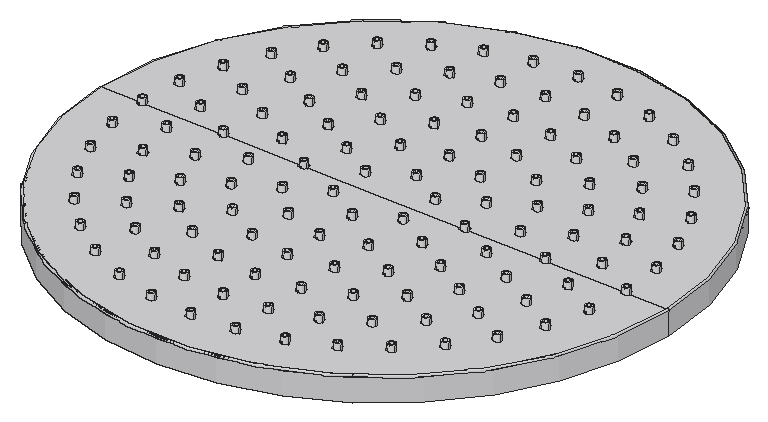
Revit family "Shower-Showerhead-KOHLER-Katalyst_Air-K-18359A_1", category Plumbing Fixtures, host Face, Revit 2017 (continued)
Definition of nested family "K-18359A"
  Lines and regions (in)
    symbolic lines, detail levels medium+fine
      curve 232: arc (2.39412, 1.4176, 0) -> (2.45514, 1.35657, 0) -> (2.51617, 1.4176, 0) r 0.06102
      curve 233: arc (2.37877, 1.4176, 0) -> (2.45514, 1.34122, 0) -> (2.53152, 1.4176, 0) r 0.07638
      curve 234: arc (3.13042, 1.77223, 0) -> (3.06939, 1.83325, 0) -> (3.00837, 1.77223, 0) r 0.06102
      curve 235: arc (3.14577, 1.77223, 0) -> (3.06939, 1.84861, 0) -> (2.99301, 1.77223, 0) r 0.07638
      curve 236: arc (3.03002, 1.77223, 0) -> (3.06939, 1.8116, 0) -> (3.10876, 1.77223, 0) r 0.03937
      curve 237: arc (3.10876, 1.77223, 0) -> (3.06939, 1.73286, 0) -> (3.03002, 1.77223, 0) r 0.03937
      curve 238: arc (3.00837, 1.77223, 0) -> (3.06939, 1.71121, 0) -> (3.13042, 1.77223, 0) r 0.06102
      curve 239: arc (2.99301, 1.77223, 0) -> (3.06939, 1.69585, 0) -> (3.14577, 1.77223, 0) r 0.07638
      curve 240: arc (3.7265, 2.12888, 0) -> (3.68713, 2.08951, 0) -> (3.64776, 2.12888, 0) r 0.03937
      curve 241: arc (3.64776, 2.12888, 0) -> (3.68713, 2.16825, 0) -> (3.7265, 2.12888, 0) r 0.03937
      curve 242: arc (3.74816, 2.12888, 0) -> (3.68713, 2.18991, 0) -> (3.62611, 2.12888, 0) r 0.06102
      curve 243: arc (3.76351, 2.12888, 0) -> (3.68713, 2.20526, 0) -> (3.61076, 2.12888, 0) r 0.07638
      curve 244: arc (3.62611, 2.12888, 0) -> (3.68713, 2.06786, 0) -> (3.74816, 2.12888, 0) r 0.06102
      curve 245: arc (3.61076, 2.12888, 0) -> (3.68713, 2.05251, 0) -> (3.76351, 2.12888, 0) r 0.07638
      curve 246: arc (0.66531, 1.22729, 0) -> (0.70468, 1.26666, 0) -> (0.74405, 1.22729, 0) r 0.03937
      curve 247: arc (0.74405, 1.22729, 0) -> (0.70468, 1.18792, 0) -> (0.66531, 1.22729, 0) r 0.03937
      curve 248: arc (0.7657, 1.22729, 0) -> (0.70468, 1.28831, 0) -> (0.64365, 1.22729, 0) r 0.06102
      curve 249: arc (0.78105, 1.22729, 0) -> (0.70468, 1.30367, 0) -> (0.6283, 1.22729, 0) r 0.07638
      curve 250: arc (0.64365, 1.22729, 0) -> (0.70468, 1.16627, 0) -> (0.7657, 1.22729, 0) r 0.06102
      curve 251: arc (0.6283, 1.22729, 0) -> (0.70468, 1.15091, 0) -> (0.78105, 1.22729, 0) r 0.07638
      curve 252: arc (1.40723, 1.62577, 0) -> (1.36786, 1.5864, 0) -> (1.32849, 1.62577, 0) r 0.03937
      curve 253: arc (1.30683, 1.62577, 0) -> (1.36786, 1.56475, 0) -> (1.42888, 1.62577, 0) r 0.06102
      curve 254: arc (1.29148, 1.62577, 0) -> (1.36786, 1.54939, 0) -> (1.44424, 1.62577, 0) r 0.07638
      curve 255: arc (1.32849, 1.62577, 0) -> (1.36786, 1.66514, 0) -> (1.40723, 1.62577, 0) r 0.03937
      curve 256: arc (1.42888, 1.62577, 0) -> (1.36786, 1.68679, 0) -> (1.30683, 1.62577, 0) r 0.06102
      curve 257: arc (1.44424, 1.62577, 0) -> (1.36786, 1.70215, 0) -> (1.29148, 1.62577, 0) r 0.07638
      curve 258: arc (0.78691, 1.99697, 0) -> (0.72589, 2.05799, 0) -> (0.66486, 1.99697, 0) r 0.06102
      curve 259: arc (0.68652, 1.99697, 0) -> (0.72589, 2.03634, 0) -> (0.76526, 1.99697, 0) r 0.03937
      curve 260: arc (0.76526, 1.99697, 0) -> (0.72589, 1.9576, 0) -> (0.68652, 1.99697, 0) r 0.03937
      curve 261: arc (0.66486, 1.99697, 0) -> (0.72589, 1.93595, 0) -> (0.78691, 1.99697, 0) r 0.06102
      curve 262: arc (0.64951, 1.99697, 0) -> (0.72589, 1.92059, 0) -> (0.80227, 1.99697, 0) r 0.07638
      curve 263: arc (1.37586, 2.45129, 0) -> (1.41523, 2.49066, 0) -> (1.4546, 2.45129, 0) r 0.03937
      curve 264: arc (1.47625, 2.45129, 0) -> (1.41523, 2.51231, 0) -> (1.3542, 2.45129, 0) r 0.06102
      curve 265: arc (1.49161, 2.45129, 0) -> (1.41523, 2.52767, 0) -> (1.33885, 2.45129, 0) r 0.07638
      curve 266: arc (1.4546, 2.45129, 0) -> (1.41523, 2.41192, 0) -> (1.37586, 2.45129, 0) r 0.03937
      curve 267: arc (1.3542, 2.45129, 0) -> (1.41523, 2.39027, 0) -> (1.47625, 2.45129, 0) r 0.06102
      curve 268: arc (1.33885, 2.45129, 0) -> (1.41523, 2.37491, 0) -> (1.49161, 2.45129, 0) r 0.07638
      curve 269: arc (1.96429, 2.0078, 0) -> (2.00366, 2.04717, 0) -> (2.04303, 2.0078, 0) r 0.03937
      curve 270: arc (2.06469, 2.0078, 0) -> (2.00366, 2.06882, 0) -> (1.94264, 2.0078, 0) r 0.06102
      curve 271: arc (2.08004, 2.0078, 0) -> (2.00366, 2.08418, 0) -> (1.92729, 2.0078, 0) r 0.07638
      curve 272: arc (2.04303, 2.0078, 0) -> (2.00366, 1.96843, 0) -> (1.96429, 2.0078, 0) r 0.03937
      curve 273: arc (1.94264, 2.0078, 0) -> (2.00366, 1.94678, 0) -> (2.06469, 2.0078, 0) r 0.06102
      curve 274: arc (1.92729, 2.0078, 0) -> (2.00366, 1.93142, 0) -> (2.08004, 2.0078, 0) r 0.07638
      curve 275: arc (3.30082, 2.73398, 0) -> (3.26145, 2.69461, 0) -> (3.22208, 2.73398, 0) r 0.03937
      curve 276: arc (3.20043, 2.73398, 0) -> (3.26145, 2.67296, 0) -> (3.32247, 2.73398, 0) r 0.06102
      curve 277: arc (3.18507, 2.73398, 0) -> (3.26145, 2.65761, 0) -> (3.33783, 2.73398, 0) r 0.07638
      curve 278: arc (3.22208, 2.73398, 0) -> (3.26145, 2.77335, 0) -> (3.30082, 2.73398, 0) r 0.03937
      curve 279: arc (3.32247, 2.73398, 0) -> (3.26145, 2.79501, 0) -> (3.20043, 2.73398, 0) r 0.06102
      curve 280: arc (3.33783, 2.73398, 0) -> (3.26145, 2.81036, 0) -> (3.18507, 2.73398, 0) r 0.07638
      curve 281: arc (2.59362, 2.37114, 0) -> (2.63299, 2.41051, 0) -> (2.67236, 2.37114, 0) r 0.03937
      curve 282: arc (2.69401, 2.37114, 0) -> (2.63299, 2.43216, 0) -> (2.57197, 2.37114, 0) r 0.06102
      curve 283: arc (2.70937, 2.37114, 0) -> (2.63299, 2.44752, 0) -> (2.55661, 2.37114, 0) r 0.07638
      curve 284: arc (2.67236, 2.37114, 0) -> (2.63299, 2.33177, 0) -> (2.59362, 2.37114, 0) r 0.03937
      curve 285: arc (2.57197, 2.37114, 0) -> (2.63299, 2.31012, 0) -> (2.69401, 2.37114, 0) r 0.06102
      curve 286: arc (2.55661, 2.37114, 0) -> (2.63299, 2.29476, 0) -> (2.70937, 2.37114, 0) r 0.07638
      curve 287: arc (2.65869, 3.26036, 0) -> (2.73507, 3.18399, 0) -> (2.81145, 3.26036, 0) r 0.07638
      curve 288: arc (2.67405, 3.26036, 0) -> (2.73507, 3.19934, 0) -> (2.79609, 3.26036, 0) r 0.06102
      curve 289: arc (2.77444, 3.26036, 0) -> (2.73507, 3.22099, 0) -> (2.6957, 3.26036, 0) r 0.03937
      curve 290: arc (2.6957, 3.26036, 0) -> (2.73507, 3.29973, 0) -> (2.77444, 3.26036, 0) r 0.03937
      curve 291: arc (2.79609, 3.26036, 0) -> (2.73507, 3.32139, 0) -> (2.67405, 3.26036, 0) r 0.06102
      curve 292: arc (2.81145, 3.26036, 0) -> (2.73507, 3.33674, 0) -> (2.65869, 3.26036, 0) r 0.07638
      curve 293: arc (2.04361, 2.86855, 0) -> (2.08298, 2.90792, 0) -> (2.12235, 2.86855, 0) r 0.03937
      curve 294: arc (2.14401, 2.86855, 0) -> (2.08298, 2.92957, 0) -> (2.02196, 2.86855, 0) r 0.06102
      curve 295: arc (2.15936, 2.86855, 0) -> (2.08298, 2.94493, 0) -> (2.0066, 2.86855, 0) r 0.07638
      curve 296: arc (2.12235, 2.86855, 0) -> (2.08298, 2.82918, 0) -> (2.04361, 2.86855, 0) r 0.03937
      curve 297: arc (2.02196, 2.86855, 0) -> (2.08298, 2.80753, 0) -> (2.14401, 2.86855, 0) r 0.06102
      curve 298: arc (2.0066, 2.86855, 0) -> (2.08298, 2.79217, 0) -> (2.15936, 2.86855, 0) r 0.07638
      curve 299: arc (1.48315, 3.24039, 0) -> (1.44378, 3.20102, 0) -> (1.40441, 3.24039, 0) r 0.03937
      curve 300: arc (1.3674, 3.24039, 0) -> (1.44378, 3.16402, 0) -> (1.52016, 3.24039, 0) r 0.07638
      curve 301: arc (1.3674, 3.24039, 0) -> (1.44378, 3.16402, 0) -> (1.52016, 3.24039, 0) r 0.07638
      curve 302: arc (1.38276, 3.24039, 0) -> (1.44378, 3.17937, 0) -> (1.5048, 3.24039, 0) r 0.06102
      curve 303: arc (1.40441, 3.24039, 0) -> (1.44378, 3.27976, 0) -> (1.48315, 3.24039, 0) r 0.03937
      curve 304: arc (1.5048, 3.24039, 0) -> (1.44378, 3.30142, 0) -> (1.38276, 3.24039, 0) r 0.06102
      curve 305: arc (1.52016, 3.24039, 0) -> (1.44378, 3.31677, 0) -> (1.3674, 3.24039, 0) r 0.07638
      curve 306: arc (2.09002, 3.68452, 0) -> (2.12939, 3.72389, 0) -> (2.16876, 3.68452, 0) r 0.03937
      curve 307: arc (2.16876, 3.68452, 0) -> (2.12939, 3.64515, 0) -> (2.09002, 3.68452, 0) r 0.03937
      curve 308: arc (2.06836, 3.68452, 0) -> (2.12939, 3.6235, 0) -> (2.19041, 3.68452, 0) r 0.06102
      curve 309: arc (2.05301, 3.68452, 0) -> (2.12939, 3.60815, 0) -> (2.20576, 3.68452, 0) r 0.07638
      curve 310: arc (2.19041, 3.68452, 0) -> (2.12939, 3.74555, 0) -> (2.06836, 3.68452, 0) r 0.06102
      curve 311: arc (2.20576, 3.68452, 0) -> (2.12939, 3.7609, 0) -> (2.05301, 3.68452, 0) r 0.07638
      curve 312: arc (1.4936, 3.99936, 0) -> (1.45423, 3.95999, 0) -> (1.41486, 3.99936, 0) r 0.03937
      curve 313: arc (1.37785, 3.99936, 0) -> (1.45423, 3.92298, 0) -> (1.53061, 3.99936, 0) r 0.07638
      curve 314: arc (1.37785, 3.99936, 0) -> (1.45423, 3.92298, 0) -> (1.53061, 3.99936, 0) r 0.07638
      curve 315: arc (1.41486, 3.99936, 0) -> (1.45423, 4.03873, 0) -> (1.4936, 3.99936, 0) r 0.03937
      curve 316: arc (1.53061, 3.99936, 0) -> (1.45423, 4.07573, 0) -> (1.37785, 3.99936, 0) r 0.07638
      curve 317: arc (1.51525, 3.99936, 0) -> (1.45423, 4.06038, 0) -> (1.3932, 3.99936, 0) r 0.06102
      curve 318: arc (1.3932, 3.99936, 0) -> (1.45423, 3.93833, 0) -> (1.51525, 3.99936, 0) r 0.06102
      curve 319: arc (0.69977, 4.19096, 0) -> (0.73914, 4.23033, 0) -> (0.77851, 4.19096, 0) r 0.03937
      curve 320: arc (0.80016, 4.19096, 0) -> (0.73914, 4.25199, 0) -> (0.67812, 4.19096, 0) r 0.06102
      curve 321: arc (0.81552, 4.19096, 0) -> (0.73914, 4.26734, 0) -> (0.66276, 4.19096, 0) r 0.07638
      curve 322: arc (0.77851, 4.19096, 0) -> (0.73914, 4.15159, 0) -> (0.69977, 4.19096, 0) r 0.03937
      curve 323: arc (0.67812, 4.19096, 0) -> (0.73914, 4.12994, 0) -> (0.80016, 4.19096, 0) r 0.06102
      curve 324: arc (0.66276, 4.19096, 0) -> (0.73914, 4.11459, 0) -> (0.81552, 4.19096, 0) r 0.07638
      curve 325: arc (0.69977, 3.46971, 0) -> (0.73914, 3.50908, 0) -> (0.77851, 3.46971, 0) r 0.03937
      curve 326: arc (0.80016, 3.46971, 0) -> (0.73914, 3.53073, 0) -> (0.67812, 3.46971, 0) r 0.06102
      curve 327: arc (0.81552, 3.46971, 0) -> (0.73914, 3.54609, 0) -> (0.66276, 3.46971, 0) r 0.07638
      curve 328: arc (0.77851, 3.46971, 0) -> (0.73914, 3.43034, 0) -> (0.69977, 3.46971, 0) r 0.03937
      curve 329: arc (0.67812, 3.46971, 0) -> (0.73914, 3.40868, 0) -> (0.80016, 3.46971, 0) r 0.06102
      curve 330: arc (0.66276, 3.46971, 0) -> (0.73914, 3.39333, 0) -> (0.81552, 3.46971, 0) r 0.07638
      curve 331: arc (0.77038, 2.74131, 0) -> (0.73101, 2.70194, 0) -> (0.69164, 2.74131, 0) r 0.03937
      curve 332: arc (0.66998, 2.74131, 0) -> (0.73101, 2.68028, 0) -> (0.79203, 2.74131, 0) r 0.06102
      curve 333: arc (0.65463, 2.74131, 0) -> (0.73101, 2.66493, 0) -> (0.80738, 2.74131, 0) r 0.07638
      curve 334: arc (0.69164, 2.74131, 0) -> (0.73101, 2.78068, 0) -> (0.77038, 2.74131, 0) r 0.03937
      curve 335: arc (0.79203, 2.74131, 0) -> (0.73101, 2.80233, 0) -> (0.66998, 2.74131, 0) r 0.06102
      curve 336: arc (0.80738, 2.74131, 0) -> (0.73101, 2.81768, 0) -> (0.65463, 2.74131, 0) r 0.07638
      curve 337: arc (-0.06102, 3.54443, 0) -> (0, 3.48341, 0) -> (0.06102, 3.54443, 0) r 0.06102
      curve 338: arc (2.79283, 0, 0) -> (2.8322, 0.03937, 0) -> (2.87157, 0, 0) r 0.03937
      curve 339: arc (2.87157, 0, 0) -> (2.8322, -0.03937, 0) -> (2.79283, 0, 0) r 0.03937
      curve 340: arc (0.74405, 1.22729, 0) -> (0.70468, 1.18792, 0) -> (0.66531, 1.22729, 0) r 0.03937
      curve 341: arc (0.07638, -4.2521, 0) -> (0, -4.32848, 0) -> (-0.07638, -4.2521, 0) r 0.07638
      curve 342: arc (0.06102, -4.2521, 0) -> (0, -4.31313, 0) -> (-0.06102, -4.2521, 0) r 0.06102
      curve 343: arc (-0.03937, -4.2521, 0) -> (0, -4.29147, 0) -> (0.03937, -4.2521, 0) r 0.03937
      curve 344: arc (0.03937, -4.2521, 0) -> (0, -4.21273, 0) -> (-0.03937, -4.2521, 0) r 0.03937
      curve 345: arc (-0.06102, -4.2521, 0) -> (0, -4.19108, 0) -> (0.06102, -4.2521, 0) r 0.06102
      curve 346: arc (-0.07638, -4.2521, 0) -> (0, -4.17573, 0) -> (0.07638, -4.2521, 0) r 0.07638
      curve 347: arc (0.06102, -3.54443, 0) -> (0, -3.60546, 0) -> (-0.06102, -3.54443, 0) r 0.06102
      curve 348: arc (0.07638, -3.54443, 0) -> (0, -3.62081, 0) -> (-0.07638, -3.54443, 0) r 0.07638
      curve 349: arc (-0.03937, -3.54443, 0) -> (0.0126, -3.58173, 0) -> (0.03131, -3.52056, 0) r 0.03937
      curve 350: arc (-0.07638, -3.54443, 0) -> (0, -3.46806, 0) -> (0.07638, -3.54443, 0) r 0.07638
      curve 351: arc (0.03937, -3.54443, 0) -> (0, -3.50506, 0) -> (-0.03937, -3.54443, 0) r 0.03937
      curve 352: arc (0.07638, -2.83762, 0) -> (0, -2.914, 0) -> (-0.07638, -2.83762, 0) r 0.07638
      curve 353: arc (0.06102, -2.83762, 0) -> (0, -2.89864, 0) -> (-0.06102, -2.83762, 0) r 0.06102
      curve 354: arc (-0.03937, -2.83762, 0) -> (0, -2.87699, 0) -> (0.03937, -2.83762, 0) r 0.03937
      curve 355: arc (0.03937, -2.83762, 0) -> (0, -2.79825, 0) -> (-0.03937, -2.83762, 0) r 0.03937
      curve 356: arc (-0.06102, -2.83762, 0) -> (0, -2.7766, 0) -> (0.06102, -2.83762, 0) r 0.06102
      curve 357: arc (-0.07638, -2.83762, 0) -> (0, -2.76124, 0) -> (0.07638, -2.83762, 0) r 0.07638
      curve 358: arc (0.07638, -2.12687, 0) -> (0, -2.20325, 0) -> (-0.07638, -2.12687, 0) r 0.07638
      curve 359: arc (0.07638, -2.12687, 0) -> (0, -2.20325, 0) -> (-0.07638, -2.12687, 0) r 0.07638
      curve 360: arc (-0.03937, -2.12687, 0) -> (0, -2.16624, 0) -> (0.03937, -2.12687, 0) r 0.03937
      curve 361: arc (0.03937, -2.12687, 0) -> (0, -2.0875, 0) -> (-0.03937, -2.12687, 0) r 0.03937
      curve 362: arc (-0.07638, -2.12687, 0) -> (0, -2.05049, 0) -> (0.07638, -2.12687, 0) r 0.07638
      curve 363: arc (-0.06102, -2.12687, 0) -> (0, -2.06585, 0) -> (0.06102, -2.12687, 0) r 0.06102
      curve 364: arc (0.06102, -2.12687, 0) -> (0, -2.1879, 0) -> (-0.06102, -2.12687, 0) r 0.06102
      curve 365: arc (0.03937, -1.41877, 0) -> (0, -1.3794, 0) -> (-0.03937, -1.41877, 0) r 0.03937
      curve 366: arc (-0.03937, -1.41877, 0) -> (0, -1.45814, 0) -> (0.03937, -1.41877, 0) r 0.03937
      curve 367: arc (0.06102, -1.41877, 0) -> (0, -1.47979, 0) -> (-0.06102, -1.41877, 0) r 0.06102
      curve 368: arc (0.07638, -1.41877, 0) -> (0, -1.49515, 0) -> (-0.07638, -1.41877, 0) r 0.07638
      curve 369: arc (-0.07638, -1.41877, 0) -> (0, -1.34239, 0) -> (0.07638, -1.41877, 0) r 0.07638
      curve 370: arc (-0.06102, -1.41877, 0) -> (0, -1.35775, 0) -> (0.06102, -1.41877, 0) r 0.06102
      curve 371: arc (-0.03937, -0.70953, 0) -> (0, -0.7489, 0) -> (0.03937, -0.70953, 0) r 0.03937
      curve 372: arc (0.03937, -0.70953, 0) -> (0, -0.67016, 0) -> (-0.03937, -0.70953, 0) r 0.03937
      curve 373: arc (0.06102, -0.70953, 0) -> (0, -0.77056, 0) -> (-0.06102, -0.70953, 0) r 0.06102
      curve 374: arc (0.07638, -0.70953, 0) -> (0, -0.78591, 0) -> (-0.07638, -0.70953, 0) r 0.07638
      curve 375: arc (-0.06102, -0.70953, 0) -> (0, -0.64851, 0) -> (0.06102, -0.70953, 0) r 0.06102
      curve 376: arc (-0.07638, -0.70953, 0) -> (0, -0.63316, 0) -> (0.07638, -0.70953, 0) r 0.07638
      curve 377: arc (-0.06102, -3.54443, 0) -> (0, -3.48341, 0) -> (0.06102, -3.54443, 0) r 0.06102
      curve 378: arc (-0.80227, 1.99697, 0) -> (-0.72589, 2.07335, 0) -> (-0.64951, 1.99697, 0) r 0.07638
      curve 379: arc (-3.48644, 0.373, 0) -> (-3.52581, 0.41237, 0) -> (-3.56518, 0.373, 0) r 0.03937
      curve 380: arc (-3.56518, 0.373, 0) -> (-3.52581, 0.33363, 0) -> (-3.48644, 0.373, 0) r 0.03937
      curve 381: arc (-3.58684, 0.373, 0) -> (-3.52581, 0.43402, 0) -> (-3.46479, 0.373, 0) r 0.06102
      curve 382: arc (-3.60219, 0.373, 0) -> (-3.52581, 0.44938, 0) -> (-3.44943, 0.373, 0) r 0.07638
      curve 383: arc (-3.46479, 0.373, 0) -> (-3.52581, 0.31198, 0) -> (-3.58684, 0.373, 0) r 0.06102
      curve 384: arc (-3.44943, 0.373, 0) -> (-3.52581, 0.29662, 0) -> (-3.60219, 0.373, 0) r 0.07638
      curve 385: arc (-4.15086, 0.74002, 0) -> (-4.19023, 0.77939, 0) -> (-4.2296, 0.74002, 0) r 0.03937
      curve 386: arc (-4.25125, 0.74002, 0) -> (-4.19023, 0.80104, 0) -> (-4.12921, 0.74002, 0) r 0.06102
      curve 387: arc (-4.26661, 0.74002, 0) -> (-4.19023, 0.8164, 0) -> (-4.11385, 0.74002, 0) r 0.07638
      curve 388: arc (-4.2296, 0.74002, 0) -> (-4.19023, 0.70065, 0) -> (-4.15086, 0.74002, 0) r 0.03937
      curve 389: arc (-4.12921, 0.74002, 0) -> (-4.19023, 0.67899, 0) -> (-4.25125, 0.74002, 0) r 0.06102
      curve 390: arc (-4.11385, 0.74002, 0) -> (-4.19023, 0.66364, 0) -> (-4.26661, 0.74002, 0) r 0.07638
      curve 391: arc (-3.95918, 1.45536, 0) -> (-3.99855, 1.49473, 0) -> (-4.03792, 1.45536, 0) r 0.03937
      curve 392: arc (-4.07493, 1.45536, 0) -> (-3.99855, 1.53174, 0) -> (-3.92218, 1.45536, 0) r 0.07638
      curve 393: arc (-4.07493, 1.45536, 0) -> (-3.99855, 1.53174, 0) -> (-3.92218, 1.45536, 0) r 0.07638
      curve 394: arc (-4.05958, 1.45536, 0) -> (-3.99855, 1.51639, 0) -> (-3.93753, 1.45536, 0) r 0.06102
      curve 395: arc (-4.03792, 1.45536, 0) -> (-3.99855, 1.41599, 0) -> (-3.95918, 1.45536, 0) r 0.03937
      curve 396: arc (-3.93753, 1.45536, 0) -> (-3.99855, 1.39434, 0) -> (-4.05958, 1.45536, 0) r 0.06102
      curve 397: arc (-3.92218, 1.45536, 0) -> (-3.99855, 1.37898, 0) -> (-4.07493, 1.45536, 0) r 0.07638
      curve 398: arc (-3.40889, 1.09219, 0) -> (-3.36952, 1.05282, 0) -> (-3.33015, 1.09219, 0) r 0.03937
      curve 399: arc (-3.33015, 1.09219, 0) -> (-3.36952, 1.13156, 0) -> (-3.40889, 1.09219, 0) r 0.03937
      curve 400: arc (-3.43054, 1.09219, 0) -> (-3.36952, 1.15321, 0) -> (-3.3085, 1.09219, 0) r 0.06102
      curve 401: arc (-3.4459, 1.09219, 0) -> (-3.36952, 1.16857, 0) -> (-3.29314, 1.09219, 0) r 0.07638
      curve 402: arc (-3.3085, 1.09219, 0) -> (-3.36952, 1.03117, 0) -> (-3.43054, 1.09219, 0) r 0.06102
      curve 403: arc (-3.29314, 1.09219, 0) -> (-3.36952, 1.01581, 0) -> (-3.4459, 1.09219, 0) r 0.07638
      curve 404: arc (-2.81126, 0.7404, 0) -> (-2.73488, 0.81678, 0) -> (-2.6585, 0.7404, 0) r 0.07638
      curve 405: arc (-2.7959, 0.7404, 0) -> (-2.73488, 0.80143, 0) -> (-2.67386, 0.7404, 0) r 0.06102
      curve 406: arc (-2.69551, 0.7404, 0) -> (-2.73488, 0.77977, 0) -> (-2.77425, 0.7404, 0) r 0.03937
      curve 407: arc (-2.77425, 0.7404, 0) -> (-2.73488, 0.70103, 0) -> (-2.69551, 0.7404, 0) r 0.03937
      curve 408: arc (-2.67386, 0.7404, 0) -> (-2.73488, 0.67938, 0) -> (-2.7959, 0.7404, 0) r 0.06102
      curve 409: arc (-2.6585, 0.7404, 0) -> (-2.73488, 0.66402, 0) -> (-2.81126, 0.7404, 0) r 0.07638
      curve 410: arc (-2.05406, 0.37006, 0) -> (-2.09343, 0.40943, 0) -> (-2.1328, 0.37006, 0) r 0.03937
      curve 411: arc (-2.1328, 0.37006, 0) -> (-2.09343, 0.33069, 0) -> (-2.05406, 0.37006, 0) r 0.03937
      curve 412: arc (-2.15446, 0.37006, 0) -> (-2.09343, 0.43109, 0) -> (-2.03241, 0.37006, 0) r 0.06102
      curve 413: arc (-2.16981, 0.37006, 0) -> (-2.09343, 0.44644, 0) -> (-2.01706, 0.37006, 0) r 0.07638
      curve 414: arc (-2.03241, 0.37006, 0) -> (-2.09343, 0.30904, 0) -> (-2.15446, 0.37006, 0) r 0.06102
      curve 415: arc (-2.01706, 0.37006, 0) -> (-2.09343, 0.29369, 0) -> (-2.16981, 0.37006, 0) r 0.07638
      curve 416: arc (-0.57352, 0.35397, 0) -> (-0.61289, 0.39334, 0) -> (-0.65226, 0.35397, 0) r 0.03937
      curve 417: arc (-0.65226, 0.35397, 0) -> (-0.61289, 0.3146, 0) -> (-0.57352, 0.35397, 0) r 0.03937
      curve 418: arc (-0.67391, 0.35397, 0) -> (-0.61289, 0.41499, 0) -> (-0.55186, 0.35397, 0) r 0.06102
      curve 419: arc (-0.55186, 0.35397, 0) -> (-0.61289, 0.29294, 0) -> (-0.67391, 0.35397, 0) r 0.06102
      curve 420: arc (-0.68926, 0.35397, 0) -> (-0.61289, 0.43034, 0) -> (-0.53651, 0.35397, 0) r 0.07638
      curve 421: arc (-0.53651, 0.35397, 0) -> (-0.61289, 0.27759, 0) -> (-0.68926, 0.35397, 0) r 0.07638
      curve 422: arc (-1.18794, 0.7087, 0) -> (-1.22731, 0.74807, 0) -> (-1.26668, 0.7087, 0) r 0.03937
      curve 423: arc (-1.26668, 0.7087, 0) -> (-1.22731, 0.66933, 0) -> (-1.18794, 0.7087, 0) r 0.03937
      curve 424: arc (-1.28833, 0.7087, 0) -> (-1.22731, 0.76973, 0) -> (-1.16629, 0.7087, 0) r 0.06102
      curve 425: arc (-1.16629, 0.7087, 0) -> (-1.22731, 0.64768, 0) -> (-1.28833, 0.7087, 0) r 0.06102
      curve 426: arc (-1.30369, 0.7087, 0) -> (-1.22731, 0.78508, 0) -> (-1.15093, 0.7087, 0) r 0.07638
      curve 427: arc (-1.15093, 0.7087, 0) -> (-1.22731, 0.63233, 0) -> (-1.30369, 0.7087, 0) r 0.07638
      curve 428: arc (-1.80273, 1.06365, 0) -> (-1.8421, 1.10302, 0) -> (-1.88147, 1.06365, 0) r 0.03937
      curve 429: arc (-1.88147, 1.06365, 0) -> (-1.8421, 1.02428, 0) -> (-1.80273, 1.06365, 0) r 0.03937
      curve 430: arc (-1.90312, 1.06365, 0) -> (-1.8421, 1.12468, 0) -> (-1.78108, 1.06365, 0) r 0.06102
      curve 431: arc (-1.78108, 1.06365, 0) -> (-1.8421, 1.00263, 0) -> (-1.90312, 1.06365, 0) r 0.06102
      curve 432: arc (-1.76572, 1.06365, 0) -> (-1.8421, 0.98728, 0) -> (-1.91848, 1.06365, 0) r 0.07638
      curve 433: arc (-1.91848, 1.06365, 0) -> (-1.8421, 1.14003, 0) -> (-1.76572, 1.06365, 0) r 0.07638
      curve 434: arc (-2.41577, 1.4176, 0) -> (-2.45514, 1.45697, 0) -> (-2.49451, 1.4176, 0) r 0.03937
      curve 435: arc (-2.51617, 1.4176, 0) -> (-2.45514, 1.47862, 0) -> (-2.39412, 1.4176, 0) r 0.06102
      curve 436: arc (-2.53152, 1.4176, 0) -> (-2.45514, 1.49397, 0) -> (-2.37877, 1.4176, 0) r 0.07638
      curve 437: arc (-2.49451, 1.4176, 0) -> (-2.45514, 1.37823, 0) -> (-2.41577, 1.4176, 0) r 0.03937
      curve 438: arc (-2.39412, 1.4176, 0) -> (-2.45514, 1.35657, 0) -> (-2.51617, 1.4176, 0) r 0.06102
      curve 439: arc (-2.37877, 1.4176, 0) -> (-2.45514, 1.34122, 0) -> (-2.53152, 1.4176, 0) r 0.07638
      curve 440: arc (-3.13042, 1.77223, 0) -> (-3.06939, 1.83325, 0) -> (-3.00837, 1.77223, 0) r 0.06102
      curve 441: arc (-3.14577, 1.77223, 0) -> (-3.06939, 1.84861, 0) -> (-2.99301, 1.77223, 0) r 0.07638
      curve 442: arc (-3.03002, 1.77223, 0) -> (-3.06939, 1.8116, 0) -> (-3.10876, 1.77223, 0) r 0.03937
      curve 443: arc (-3.10876, 1.77223, 0) -> (-3.06939, 1.73286, 0) -> (-3.03002, 1.77223, 0) r 0.03937
      curve 444: arc (-3.00837, 1.77223, 0) -> (-3.06939, 1.71121, 0) -> (-3.13042, 1.77223, 0) r 0.06102
      curve 445: arc (-2.99301, 1.77223, 0) -> (-3.06939, 1.69585, 0) -> (-3.14577, 1.77223, 0) r 0.07638
      curve 446: arc (-3.7265, 2.12888, 0) -> (-3.68713, 2.08951, 0) -> (-3.64776, 2.12888, 0) r 0.03937
      curve 447: arc (-3.64776, 2.12888, 0) -> (-3.68713, 2.16825, 0) -> (-3.7265, 2.12888, 0) r 0.03937
      curve 448: arc (-3.74816, 2.12888, 0) -> (-3.68713, 2.18991, 0) -> (-3.62611, 2.12888, 0) r 0.06102
      curve 449: arc (-3.76351, 2.12888, 0) -> (-3.68713, 2.20526, 0) -> (-3.61076, 2.12888, 0) r 0.07638
      curve 450: arc (-3.62611, 2.12888, 0) -> (-3.68713, 2.06786, 0) -> (-3.74816, 2.12888, 0) r 0.06102
      curve 451: arc (-3.61076, 2.12888, 0) -> (-3.68713, 2.05251, 0) -> (-3.76351, 2.12888, 0) r 0.07638
      curve 452: arc (-0.66531, 1.22729, 0) -> (-0.70468, 1.26666, 0) -> (-0.74405, 1.22729, 0) r 0.03937
      curve 453: arc (-0.74405, 1.22729, 0) -> (-0.70468, 1.18792, 0) -> (-0.66531, 1.22729, 0) r 0.03937
      curve 454: arc (-0.7657, 1.22729, 0) -> (-0.70468, 1.28831, 0) -> (-0.64365, 1.22729, 0) r 0.06102
      curve 455: arc (-0.78105, 1.22729, 0) -> (-0.70468, 1.30367, 0) -> (-0.6283, 1.22729, 0) r 0.07638
      curve 456: arc (-0.64365, 1.22729, 0) -> (-0.70468, 1.16627, 0) -> (-0.7657, 1.22729, 0) r 0.06102
      curve 457: arc (-0.6283, 1.22729, 0) -> (-0.70468, 1.15091, 0) -> (-0.78105, 1.22729, 0) r 0.07638
      curve 458: arc (-1.40723, 1.62577, 0) -> (-1.36786, 1.5864, 0) -> (-1.32849, 1.62577, 0) r 0.03937
      curve 459: arc (-1.30683, 1.62577, 0) -> (-1.36786, 1.56475, 0) -> (-1.42888, 1.62577, 0) r 0.06102
      curve 460: arc (-1.29148, 1.62577, 0) -> (-1.36786, 1.54939, 0) -> (-1.44424, 1.62577, 0) r 0.07638
      curve 461: arc (-1.32849, 1.62577, 0) -> (-1.36786, 1.66514, 0) -> (-1.40723, 1.62577, 0) r 0.03937
      curve 462: arc (-1.42888, 1.62577, 0) -> (-1.36786, 1.68679, 0) -> (-1.30683, 1.62577, 0) r 0.06102
      curve 463: arc (-1.44424, 1.62577, 0) -> (-1.36786, 1.70215, 0) -> (-1.29148, 1.62577, 0) r 0.07638
      curve 464: arc (-0.78691, 1.99697, 0) -> (-0.72589, 2.05799, 0) -> (-0.66486, 1.99697, 0) r 0.06102
      curve 465: arc (-0.68652, 1.99697, 0) -> (-0.72589, 2.03634, 0) -> (-0.76526, 1.99697, 0) r 0.03937
      curve 466: arc (-0.76526, 1.99697, 0) -> (-0.72589, 1.9576, 0) -> (-0.68652, 1.99697, 0) r 0.03937
      curve 467: arc (-0.66486, 1.99697, 0) -> (-0.72589, 1.93595, 0) -> (-0.78691, 1.99697, 0) r 0.06102
      curve 468: arc (-0.64951, 1.99697, 0) -> (-0.72589, 1.92059, 0) -> (-0.80227, 1.99697, 0) r 0.07638
      curve 469: arc (-1.37586, 2.45129, 0) -> (-1.41523, 2.49066, 0) -> (-1.4546, 2.45129, 0) r 0.03937
      curve 470: arc (-1.47625, 2.45129, 0) -> (-1.41523, 2.51231, 0) -> (-1.3542, 2.45129, 0) r 0.06102
      curve 471: arc (-1.49161, 2.45129, 0) -> (-1.41523, 2.52767, 0) -> (-1.33885, 2.45129, 0) r 0.07638
      curve 472: arc (-1.4546, 2.45129, 0) -> (-1.41523, 2.41192, 0) -> (-1.37586, 2.45129, 0) r 0.03937
      curve 473: arc (-1.3542, 2.45129, 0) -> (-1.41523, 2.39027, 0) -> (-1.47625, 2.45129, 0) r 0.06102
      curve 474: arc (-1.33885, 2.45129, 0) -> (-1.41523, 2.37491, 0) -> (-1.49161, 2.45129, 0) r 0.07638
      curve 475: arc (-1.96429, 2.0078, 0) -> (-2.00366, 2.04717, 0) -> (-2.04303, 2.0078, 0) r 0.03937
      curve 476: arc (-2.06469, 2.0078, 0) -> (-2.00366, 2.06882, 0) -> (-1.94264, 2.0078, 0) r 0.06102
      curve 477: arc (-2.08004, 2.0078, 0) -> (-2.00366, 2.08418, 0) -> (-1.92729, 2.0078, 0) r 0.07638
      curve 478: arc (-2.04303, 2.0078, 0) -> (-2.00366, 1.96843, 0) -> (-1.96429, 2.0078, 0) r 0.03937
      curve 479: arc (-1.94264, 2.0078, 0) -> (-2.00366, 1.94678, 0) -> (-2.06469, 2.0078, 0) r 0.06102
      curve 480: arc (-1.92729, 2.0078, 0) -> (-2.00366, 1.93142, 0) -> (-2.08004, 2.0078, 0) r 0.07638
      curve 481: arc (-3.30082, 2.73398, 0) -> (-3.26145, 2.69461, 0) -> (-3.22208, 2.73398, 0) r 0.03937
      curve 482: arc (-3.20043, 2.73398, 0) -> (-3.26145, 2.67296, 0) -> (-3.32247, 2.73398, 0) r 0.06102
      curve 483: arc (-3.18507, 2.73398, 0) -> (-3.26145, 2.65761, 0) -> (-3.33783, 2.73398, 0) r 0.07638
      curve 484: arc (-3.22208, 2.73398, 0) -> (-3.26145, 2.77335, 0) -> (-3.30082, 2.73398, 0) r 0.03937
      curve 485: arc (-3.32247, 2.73398, 0) -> (-3.26145, 2.79501, 0) -> (-3.20043, 2.73398, 0) r 0.06102
      curve 486: arc (-3.33783, 2.73398, 0) -> (-3.26145, 2.81036, 0) -> (-3.18507, 2.73398, 0) r 0.07638
      curve 487: arc (-2.59362, 2.37114, 0) -> (-2.63299, 2.41051, 0) -> (-2.67236, 2.37114, 0) r 0.03937
      curve 488: arc (-2.69401, 2.37114, 0) -> (-2.63299, 2.43216, 0) -> (-2.57197, 2.37114, 0) r 0.06102
      curve 489: arc (-2.70937, 2.37114, 0) -> (-2.63299, 2.44752, 0) -> (-2.55661, 2.37114, 0) r 0.07638
      curve 490: arc (-2.67236, 2.37114, 0) -> (-2.63299, 2.33177, 0) -> (-2.59362, 2.37114, 0) r 0.03937
      curve 491: arc (-2.57197, 2.37114, 0) -> (-2.63299, 2.31012, 0) -> (-2.69401, 2.37114, 0) r 0.06102
      curve 492: arc (-2.55661, 2.37114, 0) -> (-2.63299, 2.29476, 0) -> (-2.70937, 2.37114, 0) r 0.07638
      curve 493: arc (-2.65869, 3.26036, 0) -> (-2.73507, 3.18399, 0) -> (-2.81145, 3.26036, 0) r 0.07638
      curve 494: arc (-2.67405, 3.26036, 0) -> (-2.73507, 3.19934, 0) -> (-2.79609, 3.26036, 0) r 0.06102
      curve 495: arc (-2.77444, 3.26036, 0) -> (-2.73507, 3.22099, 0) -> (-2.6957, 3.26036, 0) r 0.03937
      curve 496: arc (-2.6957, 3.26036, 0) -> (-2.73507, 3.29973, 0) -> (-2.77444, 3.26036, 0) r 0.03937
      curve 497: arc (-2.79609, 3.26036, 0) -> (-2.73507, 3.32139, 0) -> (-2.67405, 3.26036, 0) r 0.06102
      curve 498: arc (-2.81145, 3.26036, 0) -> (-2.73507, 3.33674, 0) -> (-2.65869, 3.26036, 0) r 0.07638
      curve 499: arc (-2.04361, 2.86855, 0) -> (-2.08298, 2.90792, 0) -> (-2.12235, 2.86855, 0) r 0.03937
      curve 500: arc (-2.14401, 2.86855, 0) -> (-2.08298, 2.92957, 0) -> (-2.02196, 2.86855, 0) r 0.06102
      curve 501: arc (-2.15936, 2.86855, 0) -> (-2.08298, 2.94493, 0) -> (-2.0066, 2.86855, 0) r 0.07638
      curve 502: arc (-2.12235, 2.86855, 0) -> (-2.08298, 2.82918, 0) -> (-2.04361, 2.86855, 0) r 0.03937
      curve 503: arc (-2.02196, 2.86855, 0) -> (-2.08298, 2.80753, 0) -> (-2.14401, 2.86855, 0) r 0.06102
      curve 504: arc (-2.0066, 2.86855, 0) -> (-2.08298, 2.79217, 0) -> (-2.15936, 2.86855, 0) r 0.07638
      curve 505: arc (-1.48315, 3.24039, 0) -> (-1.44378, 3.20102, 0) -> (-1.40441, 3.24039, 0) r 0.03937
      curve 506: arc (-1.3674, 3.24039, 0) -> (-1.44378, 3.16402, 0) -> (-1.52016, 3.24039, 0) r 0.07638
      curve 507: arc (-1.3674, 3.24039, 0) -> (-1.44378, 3.16402, 0) -> (-1.52016, 3.24039, 0) r 0.07638
      curve 508: arc (-1.38276, 3.24039, 0) -> (-1.44378, 3.17937, 0) -> (-1.5048, 3.24039, 0) r 0.06102
      curve 509: arc (-1.40441, 3.24039, 0) -> (-1.44378, 3.27976, 0) -> (-1.48315, 3.24039, 0) r 0.03937
      curve 510: arc (-1.5048, 3.24039, 0) -> (-1.44378, 3.30142, 0) -> (-1.38276, 3.24039, 0) r 0.06102
      curve 511: arc (-1.52016, 3.24039, 0) -> (-1.44378, 3.31677, 0) -> (-1.3674, 3.24039, 0) r 0.07638
      curve 512: arc (-2.09002, 3.68452, 0) -> (-2.12939, 3.72389, 0) -> (-2.16876, 3.68452, 0) r 0.03937
      curve 513: arc (-2.16876, 3.68452, 0) -> (-2.12939, 3.64515, 0) -> (-2.09002, 3.68452, 0) r 0.03937
      curve 514: arc (-2.06836, 3.68452, 0) -> (-2.12939, 3.6235, 0) -> (-2.19041, 3.68452, 0) r 0.06102
      curve 515: arc (-2.05301, 3.68452, 0) -> (-2.12939, 3.60815, 0) -> (-2.20576, 3.68452, 0) r 0.07638
      curve 516: arc (-2.19041, 3.68452, 0) -> (-2.12939, 3.74555, 0) -> (-2.06836, 3.68452, 0) r 0.06102
      curve 517: arc (-2.20576, 3.68452, 0) -> (-2.12939, 3.7609, 0) -> (-2.05301, 3.68452, 0) r 0.07638
      curve 518: arc (-1.4936, 3.99936, 0) -> (-1.45423, 3.95999, 0) -> (-1.41486, 3.99936, 0) r 0.03937
      curve 519: arc (-1.37785, 3.99936, 0) -> (-1.45423, 3.92298, 0) -> (-1.53061, 3.99936, 0) r 0.07638
      curve 520: arc (-1.37785, 3.99936, 0) -> (-1.45423, 3.92298, 0) -> (-1.53061, 3.99936, 0) r 0.07638
      curve 521: arc (-1.41486, 3.99936, 0) -> (-1.45423, 4.03873, 0) -> (-1.4936, 3.99936, 0) r 0.03937
      curve 522: arc (-1.53061, 3.99936, 0) -> (-1.45423, 4.07573, 0) -> (-1.37785, 3.99936, 0) r 0.07638
      curve 523: arc (-1.51525, 3.99936, 0) -> (-1.45423, 4.06038, 0) -> (-1.3932, 3.99936, 0) r 0.06102
      curve 524: arc (-1.3932, 3.99936, 0) -> (-1.45423, 3.93833, 0) -> (-1.51525, 3.99936, 0) r 0.06102
      curve 525: arc (-0.69977, 4.19096, 0) -> (-0.73914, 4.23033, 0) -> (-0.77851, 4.19096, 0) r 0.03937
      curve 526: arc (-0.80016, 4.19096, 0) -> (-0.73914, 4.25199, 0) -> (-0.67812, 4.19096, 0) r 0.06102
      curve 527: arc (-0.81552, 4.19096, 0) -> (-0.73914, 4.26734, 0) -> (-0.66276, 4.19096, 0) r 0.07638
      curve 528: arc (-0.77851, 4.19096, 0) -> (-0.73914, 4.15159, 0) -> (-0.69977, 4.19096, 0) r 0.03937
      curve 529: arc (-0.67812, 4.19096, 0) -> (-0.73914, 4.12994, 0) -> (-0.80016, 4.19096, 0) r 0.06102
      curve 530: arc (-0.66276, 4.19096, 0) -> (-0.73914, 4.11459, 0) -> (-0.81552, 4.19096, 0) r 0.07638
      curve 531: arc (-0.69977, 3.46971, 0) -> (-0.73914, 3.50908, 0) -> (-0.77851, 3.46971, 0) r 0.03937
      curve 532: arc (-0.80016, 3.46971, 0) -> (-0.73914, 3.53073, 0) -> (-0.67812, 3.46971, 0) r 0.06102
      curve 533: arc (-0.81552, 3.46971, 0) -> (-0.73914, 3.54609, 0) -> (-0.66276, 3.46971, 0) r 0.07638
      curve 534: arc (-0.77851, 3.46971, 0) -> (-0.73914, 3.43034, 0) -> (-0.69977, 3.46971, 0) r 0.03937
      curve 535: arc (-0.67812, 3.46971, 0) -> (-0.73914, 3.40868, 0) -> (-0.80016, 3.46971, 0) r 0.06102
      curve 536: arc (-0.66276, 3.46971, 0) -> (-0.73914, 3.39333, 0) -> (-0.81552, 3.46971, 0) r 0.07638
      curve 537: arc (-0.77038, 2.74131, 0) -> (-0.73101, 2.70194, 0) -> (-0.69164, 2.74131, 0) r 0.03937
      curve 538: arc (-0.66998, 2.74131, 0) -> (-0.73101, 2.68028, 0) -> (-0.79203, 2.74131, 0) r 0.06102
      curve 539: arc (-0.65463, 2.74131, 0) -> (-0.73101, 2.66493, 0) -> (-0.80738, 2.74131, 0) r 0.07638
      curve 540: arc (-0.69164, 2.74131, 0) -> (-0.73101, 2.78068, 0) -> (-0.77038, 2.74131, 0) r 0.03937
      curve 541: arc (-0.79203, 2.74131, 0) -> (-0.73101, 2.80233, 0) -> (-0.66998, 2.74131, 0) r 0.06102
      curve 542: arc (-0.80738, 2.74131, 0) -> (-0.73101, 2.81768, 0) -> (-0.65463, 2.74131, 0) r 0.07638
      curve 543: arc (-0.74405, 1.22729, 0) -> (-0.70468, 1.18792, 0) -> (-0.66531, 1.22729, 0) r 0.03937
      curve 544: arc (-0.80227, -1.99697, 0) -> (-0.72589, -2.07335, 0) -> (-0.64951, -1.99697, 0) r 0.07638
      curve 545: arc (-3.48644, -0.373, 0) -> (-3.52581, -0.41237, 0) -> (-3.56518, -0.373, 0) r 0.03937
      curve 546: arc (-3.56518, -0.373, 0) -> (-3.52581, -0.33363, 0) -> (-3.48644, -0.373, 0) r 0.03937
      curve 547: arc (-3.58684, -0.373, 0) -> (-3.52581, -0.43402, 0) -> (-3.46479, -0.373, 0) r 0.06102
      curve 548: arc (-3.60219, -0.373, 0) -> (-3.52581, -0.44938, 0) -> (-3.44943, -0.373, 0) r 0.07638
      curve 549: arc (-3.46479, -0.373, 0) -> (-3.52581, -0.31198, 0) -> (-3.58684, -0.373, 0) r 0.06102
      curve 550: arc (-3.44943, -0.373, 0) -> (-3.52581, -0.29662, 0) -> (-3.60219, -0.373, 0) r 0.07638
      curve 551: arc (-4.15086, -0.74002, 0) -> (-4.19023, -0.77939, 0) -> (-4.2296, -0.74002, 0) r 0.03937
      curve 552: arc (-4.25125, -0.74002, 0) -> (-4.19023, -0.80104, 0) -> (-4.12921, -0.74002, 0) r 0.06102
      curve 553: arc (-4.26661, -0.74002, 0) -> (-4.19023, -0.8164, 0) -> (-4.11385, -0.74002, 0) r 0.07638
      curve 554: arc (-4.2296, -0.74002, 0) -> (-4.19023, -0.70065, 0) -> (-4.15086, -0.74002, 0) r 0.03937
      curve 555: arc (-4.12921, -0.74002, 0) -> (-4.19023, -0.67899, 0) -> (-4.25125, -0.74002, 0) r 0.06102
      curve 556: arc (-4.11385, -0.74002, 0) -> (-4.19023, -0.66364, 0) -> (-4.26661, -0.74002, 0) r 0.07638
      curve 557: arc (-3.95918, -1.45536, 0) -> (-3.99855, -1.49473, 0) -> (-4.03792, -1.45536, 0) r 0.03937
      curve 558: arc (-4.07493, -1.45536, 0) -> (-3.99855, -1.53174, 0) -> (-3.92218, -1.45536, 0) r 0.07638
      curve 559: arc (-4.07493, -1.45536, 0) -> (-3.99855, -1.53174, 0) -> (-3.92218, -1.45536, 0) r 0.07638
      curve 560: arc (-4.05958, -1.45536, 0) -> (-3.99855, -1.51639, 0) -> (-3.93753, -1.45536, 0) r 0.06102
      curve 561: arc (-4.03792, -1.45536, 0) -> (-3.99855, -1.41599, 0) -> (-3.95918, -1.45536, 0) r 0.03937
      curve 562: arc (-3.93753, -1.45536, 0) -> (-3.99855, -1.39434, 0) -> (-4.05958, -1.45536, 0) r 0.06102
      curve 563: arc (-3.92218, -1.45536, 0) -> (-3.99855, -1.37898, 0) -> (-4.07493, -1.45536, 0) r 0.07638
      curve 564: arc (-3.40889, -1.09219, 0) -> (-3.36952, -1.05282, 0) -> (-3.33015, -1.09219, 0) r 0.03937
      curve 565: arc (-3.33015, -1.09219, 0) -> (-3.36952, -1.13156, 0) -> (-3.40889, -1.09219, 0) r 0.03937
      curve 566: arc (-3.43054, -1.09219, 0) -> (-3.36952, -1.15321, 0) -> (-3.3085, -1.09219, 0) r 0.06102
      curve 567: arc (-3.4459, -1.09219, 0) -> (-3.36952, -1.16857, 0) -> (-3.29314, -1.09219, 0) r 0.07638
      curve 568: arc (-3.3085, -1.09219, 0) -> (-3.36952, -1.03117, 0) -> (-3.43054, -1.09219, 0) r 0.06102
      curve 569: arc (-3.29314, -1.09219, 0) -> (-3.36952, -1.01581, 0) -> (-3.4459, -1.09219, 0) r 0.07638
      curve 570: arc (-2.81126, -0.7404, 0) -> (-2.73488, -0.81678, 0) -> (-2.6585, -0.7404, 0) r 0.07638
      curve 571: arc (-2.7959, -0.7404, 0) -> (-2.73488, -0.80143, 0) -> (-2.67386, -0.7404, 0) r 0.06102
      curve 572: arc (-2.69551, -0.7404, 0) -> (-2.73488, -0.77977, 0) -> (-2.77425, -0.7404, 0) r 0.03937
      curve 573: arc (-2.77425, -0.7404, 0) -> (-2.73488, -0.70103, 0) -> (-2.69551, -0.7404, 0) r 0.03937
      curve 574: arc (-2.67386, -0.7404, 0) -> (-2.73488, -0.67938, 0) -> (-2.7959, -0.7404, 0) r 0.06102
      curve 575: arc (-2.6585, -0.7404, 0) -> (-2.73488, -0.66402, 0) -> (-2.81126, -0.7404, 0) r 0.07638
      curve 576: arc (-2.05406, -0.37006, 0) -> (-2.09343, -0.40943, 0) -> (-2.1328, -0.37006, 0) r 0.03937
      curve 577: arc (-2.1328, -0.37006, 0) -> (-2.09343, -0.33069, 0) -> (-2.05406, -0.37006, 0) r 0.03937
      curve 578: arc (-2.15446, -0.37006, 0) -> (-2.09343, -0.43109, 0) -> (-2.03241, -0.37006, 0) r 0.06102
      curve 579: arc (-2.16981, -0.37006, 0) -> (-2.09343, -0.44644, 0) -> (-2.01706, -0.37006, 0) r 0.07638
      curve 580: arc (-2.03241, -0.37006, 0) -> (-2.09343, -0.30904, 0) -> (-2.15446, -0.37006, 0) r 0.06102
      curve 581: arc (-2.01706, -0.37006, 0) -> (-2.09343, -0.29369, 0) -> (-2.16981, -0.37006, 0) r 0.07638
      curve 582: arc (-0.57352, -0.35397, 0) -> (-0.61289, -0.39334, 0) -> (-0.65226, -0.35397, 0) r 0.03937
      curve 583: arc (-0.65226, -0.35397, 0) -> (-0.61289, -0.3146, 0) -> (-0.57352, -0.35397, 0) r 0.03937
      curve 584: arc (-0.67391, -0.35397, 0) -> (-0.61289, -0.41499, 0) -> (-0.55186, -0.35397, 0) r 0.06102
      curve 585: arc (-0.55186, -0.35397, 0) -> (-0.61289, -0.29294, 0) -> (-0.67391, -0.35397, 0) r 0.06102
      curve 586: arc (-0.68926, -0.35397, 0) -> (-0.61289, -0.43034, 0) -> (-0.53651, -0.35397, 0) r 0.07638
      curve 587: arc (-0.53651, -0.35397, 0) -> (-0.61289, -0.27759, 0) -> (-0.68926, -0.35397, 0) r 0.07638
      curve 588: arc (-1.18794, -0.7087, 0) -> (-1.22731, -0.74807, 0) -> (-1.26668, -0.7087, 0) r 0.03937
      curve 589: arc (-1.26668, -0.7087, 0) -> (-1.22731, -0.66933, 0) -> (-1.18794, -0.7087, 0) r 0.03937
      curve 590: arc (-1.28833, -0.7087, 0) -> (-1.22731, -0.76973, 0) -> (-1.16629, -0.7087, 0) r 0.06102
      curve 591: arc (-1.16629, -0.7087, 0) -> (-1.22731, -0.64768, 0) -> (-1.28833, -0.7087, 0) r 0.06102
      curve 592: arc (-1.30369, -0.7087, 0) -> (-1.22731, -0.78508, 0) -> (-1.15093, -0.7087, 0) r 0.07638
      curve 593: arc (-1.15093, -0.7087, 0) -> (-1.22731, -0.63233, 0) -> (-1.30369, -0.7087, 0) r 0.07638
      curve 594: arc (-1.80273, -1.06365, 0) -> (-1.8421, -1.10302, 0) -> (-1.88147, -1.06365, 0) r 0.03937
      curve 595: arc (-1.88147, -1.06365, 0) -> (-1.8421, -1.02428, 0) -> (-1.80273, -1.06365, 0) r 0.03937
      curve 596: arc (-1.90312, -1.06365, 0) -> (-1.8421, -1.12468, 0) -> (-1.78108, -1.06365, 0) r 0.06102
      curve 597: arc (-1.78108, -1.06365, 0) -> (-1.8421, -1.00263, 0) -> (-1.90312, -1.06365, 0) r 0.06102
      curve 598: arc (-1.76572, -1.06365, 0) -> (-1.8421, -0.98728, 0) -> (-1.91848, -1.06365, 0) r 0.07638
      curve 599: arc (-1.91848, -1.06365, 0) -> (-1.8421, -1.14003, 0) -> (-1.76572, -1.06365, 0) r 0.07638
      curve 600: arc (-2.41577, -1.4176, 0) -> (-2.45514, -1.45697, 0) -> (-2.49451, -1.4176, 0) r 0.03937
      curve 601: arc (-2.51617, -1.4176, 0) -> (-2.45514, -1.47862, 0) -> (-2.39412, -1.4176, 0) r 0.06102
      curve 602: arc (-2.53152, -1.4176, 0) -> (-2.45514, -1.49397, 0) -> (-2.37877, -1.4176, 0) r 0.07638
      curve 603: arc (-2.49451, -1.4176, 0) -> (-2.45514, -1.37823, 0) -> (-2.41577, -1.4176, 0) r 0.03937
      curve 604: arc (-2.39412, -1.4176, 0) -> (-2.45514, -1.35657, 0) -> (-2.51617, -1.4176, 0) r 0.06102
      curve 605: arc (-2.37877, -1.4176, 0) -> (-2.45514, -1.34122, 0) -> (-2.53152, -1.4176, 0) r 0.07638
      curve 606: arc (-3.13042, -1.77223, 0) -> (-3.06939, -1.83325, 0) -> (-3.00837, -1.77223, 0) r 0.06102
      curve 607: arc (-3.14577, -1.77223, 0) -> (-3.06939, -1.84861, 0) -> (-2.99301, -1.77223, 0) r 0.07638
      curve 608: arc (-3.03002, -1.77223, 0) -> (-3.06939, -1.8116, 0) -> (-3.10876, -1.77223, 0) r 0.03937
      curve 609: arc (-3.10876, -1.77223, 0) -> (-3.06939, -1.73286, 0) -> (-3.03002, -1.77223, 0) r 0.03937
      curve 610: arc (-3.00837, -1.77223, 0) -> (-3.06939, -1.71121, 0) -> (-3.13042, -1.77223, 0) r 0.06102
      curve 611: arc (-2.99301, -1.77223, 0) -> (-3.06939, -1.69585, 0) -> (-3.14577, -1.77223, 0) r 0.07638
      curve 612: arc (-3.7265, -2.12888, 0) -> (-3.68713, -2.08951, 0) -> (-3.64776, -2.12888, 0) r 0.03937
      curve 613: arc (-3.64776, -2.12888, 0) -> (-3.68713, -2.16825, 0) -> (-3.7265, -2.12888, 0) r 0.03937
      curve 614: arc (-3.74816, -2.12888, 0) -> (-3.68713, -2.18991, 0) -> (-3.62611, -2.12888, 0) r 0.06102
      curve 615: arc (-3.76351, -2.12888, 0) -> (-3.68713, -2.20526, 0) -> (-3.61076, -2.12888, 0) r 0.07638
      curve 616: arc (-3.62611, -2.12888, 0) -> (-3.68713, -2.06786, 0) -> (-3.74816, -2.12888, 0) r 0.06102
      curve 617: arc (-3.61076, -2.12888, 0) -> (-3.68713, -2.05251, 0) -> (-3.76351, -2.12888, 0) r 0.07638
      curve 618: arc (-0.66531, -1.22729, 0) -> (-0.70468, -1.26666, 0) -> (-0.74405, -1.22729, 0) r 0.03937
      curve 619: arc (-0.74405, -1.22729, 0) -> (-0.70468, -1.18792, 0) -> (-0.66531, -1.22729, 0) r 0.03937
      curve 620: arc (-0.7657, -1.22729, 0) -> (-0.70468, -1.28831, 0) -> (-0.64365, -1.22729, 0) r 0.06102
      curve 621: arc (-0.78105, -1.22729, 0) -> (-0.70468, -1.30367, 0) -> (-0.6283, -1.22729, 0) r 0.07638
      curve 622: arc (-0.64365, -1.22729, 0) -> (-0.70468, -1.16627, 0) -> (-0.7657, -1.22729, 0) r 0.06102
      curve 623: arc (-0.6283, -1.22729, 0) -> (-0.70468, -1.15091, 0) -> (-0.78105, -1.22729, 0) r 0.07638
      curve 624: arc (-1.40723, -1.62577, 0) -> (-1.36786, -1.5864, 0) -> (-1.32849, -1.62577, 0) r 0.03937
      curve 625: arc (-1.30683, -1.62577, 0) -> (-1.36786, -1.56475, 0) -> (-1.42888, -1.62577, 0) r 0.06102
      curve 626: arc (-1.29148, -1.62577, 0) -> (-1.36786, -1.54939, 0) -> (-1.44424, -1.62577, 0) r 0.07638
      curve 627: arc (-1.32849, -1.62577, 0) -> (-1.36786, -1.66514, 0) -> (-1.40723, -1.62577, 0) r 0.03937
      curve 628: arc (-1.42888, -1.62577, 0) -> (-1.36786, -1.68679, 0) -> (-1.30683, -1.62577, 0) r 0.06102
      curve 629: arc (-1.44424, -1.62577, 0) -> (-1.36786, -1.70215, 0) -> (-1.29148, -1.62577, 0) r 0.07638
      curve 630: arc (-0.78691, -1.99697, 0) -> (-0.72589, -2.05799, 0) -> (-0.66486, -1.99697, 0) r 0.06102
      curve 631: arc (-0.68652, -1.99697, 0) -> (-0.72589, -2.03634, 0) -> (-0.76526, -1.99697, 0) r 0.03937
      curve 632: arc (-0.76526, -1.99697, 0) -> (-0.72589, -1.9576, 0) -> (-0.68652, -1.99697, 0) r 0.03937
      curve 633: arc (-0.66486, -1.99697, 0) -> (-0.72589, -1.93595, 0) -> (-0.78691, -1.99697, 0) r 0.06102
      curve 634: arc (-0.64951, -1.99697, 0) -> (-0.72589, -1.92059, 0) -> (-0.80227, -1.99697, 0) r 0.07638
      curve 635: arc (-1.37586, -2.45129, 0) -> (-1.41523, -2.49066, 0) -> (-1.4546, -2.45129, 0) r 0.03937
      curve 636: arc (-1.47625, -2.45129, 0) -> (-1.41523, -2.51231, 0) -> (-1.3542, -2.45129, 0) r 0.06102
      curve 637: arc (-1.49161, -2.45129, 0) -> (-1.41523, -2.52767, 0) -> (-1.33885, -2.45129, 0) r 0.07638
      curve 638: arc (-1.4546, -2.45129, 0) -> (-1.41523, -2.41192, 0) -> (-1.37586, -2.45129, 0) r 0.03937
      curve 639: arc (-1.3542, -2.45129, 0) -> (-1.41523, -2.39027, 0) -> (-1.47625, -2.45129, 0) r 0.06102
      curve 640: arc (-1.33885, -2.45129, 0) -> (-1.41523, -2.37491, 0) -> (-1.49161, -2.45129, 0) r 0.07638
      curve 641: arc (-1.96429, -2.0078, 0) -> (-2.00366, -2.04717, 0) -> (-2.04303, -2.0078, 0) r 0.03937
      curve 642: arc (-2.06469, -2.0078, 0) -> (-2.00366, -2.06882, 0) -> (-1.94264, -2.0078, 0) r 0.06102
      curve 643: arc (-2.08004, -2.0078, 0) -> (-2.00366, -2.08418, 0) -> (-1.92729, -2.0078, 0) r 0.07638
      curve 644: arc (-2.04303, -2.0078, 0) -> (-2.00366, -1.96843, 0) -> (-1.96429, -2.0078, 0) r 0.03937
      curve 645: arc (-1.94264, -2.0078, 0) -> (-2.00366, -1.94678, 0) -> (-2.06469, -2.0078, 0) r 0.06102
      curve 646: arc (-1.92729, -2.0078, 0) -> (-2.00366, -1.93142, 0) -> (-2.08004, -2.0078, 0) r 0.07638
      curve 647: arc (-3.30082, -2.73398, 0) -> (-3.26145, -2.69461, 0) -> (-3.22208, -2.73398, 0) r 0.03937
      curve 648: arc (-3.20043, -2.73398, 0) -> (-3.26145, -2.67296, 0) -> (-3.32247, -2.73398, 0) r 0.06102
      curve 649: arc (-3.18507, -2.73398, 0) -> (-3.26145, -2.65761, 0) -> (-3.33783, -2.73398, 0) r 0.07638
      curve 650: arc (-3.22208, -2.73398, 0) -> (-3.26145, -2.77335, 0) -> (-3.30082, -2.73398, 0) r 0.03937
      curve 651: arc (-3.32247, -2.73398, 0) -> (-3.26145, -2.79501, 0) -> (-3.20043, -2.73398, 0) r 0.06102
      curve 652: arc (-3.33783, -2.73398, 0) -> (-3.26145, -2.81036, 0) -> (-3.18507, -2.73398, 0) r 0.07638
      curve 653: arc (-2.59362, -2.37114, 0) -> (-2.63299, -2.41051, 0) -> (-2.67236, -2.37114, 0) r 0.03937
      curve 654: arc (-2.69401, -2.37114, 0) -> (-2.63299, -2.43216, 0) -> (-2.57197, -2.37114, 0) r 0.06102
      curve 655: arc (-2.70937, -2.37114, 0) -> (-2.63299, -2.44752, 0) -> (-2.55661, -2.37114, 0) r 0.07638
      curve 656: arc (-2.67236, -2.37114, 0) -> (-2.63299, -2.33177, 0) -> (-2.59362, -2.37114, 0) r 0.03937
      curve 657: arc (-2.57197, -2.37114, 0) -> (-2.63299, -2.31012, 0) -> (-2.69401, -2.37114, 0) r 0.06102
      curve 658: arc (-2.55661, -2.37114, 0) -> (-2.63299, -2.29476, 0) -> (-2.70937, -2.37114, 0) r 0.07638
      curve 659: arc (-2.65869, -3.26036, 0) -> (-2.73507, -3.18399, 0) -> (-2.81145, -3.26036, 0) r 0.07638
      curve 660: arc (-2.67405, -3.26036, 0) -> (-2.73507, -3.19934, 0) -> (-2.79609, -3.26036, 0) r 0.06102
      curve 661: arc (-2.77444, -3.26036, 0) -> (-2.73507, -3.22099, 0) -> (-2.6957, -3.26036, 0) r 0.03937
      curve 662: arc (-2.6957, -3.26036, 0) -> (-2.73507, -3.29973, 0) -> (-2.77444, -3.26036, 0) r 0.03937
      curve 663: arc (-2.79609, -3.26036, 0) -> (-2.73507, -3.32139, 0) -> (-2.67405, -3.26036, 0) r 0.06102
      curve 664: arc (-2.81145, -3.26036, 0) -> (-2.73507, -3.33674, 0) -> (-2.65869, -3.26036, 0) r 0.07638
      curve 665: arc (-2.04361, -2.86855, 0) -> (-2.08298, -2.90792, 0) -> (-2.12235, -2.86855, 0) r 0.03937
      curve 666: arc (-2.14401, -2.86855, 0) -> (-2.08298, -2.92957, 0) -> (-2.02196, -2.86855, 0) r 0.06102
      curve 667: arc (-2.15936, -2.86855, 0) -> (-2.08298, -2.94493, 0) -> (-2.0066, -2.86855, 0) r 0.07638
      curve 668: arc (-2.12235, -2.86855, 0) -> (-2.08298, -2.82918, 0) -> (-2.04361, -2.86855, 0) r 0.03937
      curve 669: arc (-2.02196, -2.86855, 0) -> (-2.08298, -2.80753, 0) -> (-2.14401, -2.86855, 0) r 0.06102
      curve 670: arc (-2.0066, -2.86855, 0) -> (-2.08298, -2.79217, 0) -> (-2.15936, -2.86855, 0) r 0.07638
      curve 671: arc (-1.48315, -3.24039, 0) -> (-1.44378, -3.20102, 0) -> (-1.40441, -3.24039, 0) r 0.03937
      curve 672: arc (-1.3674, -3.24039, 0) -> (-1.44378, -3.16402, 0) -> (-1.52016, -3.24039, 0) r 0.07638
      curve 673: arc (-1.3674, -3.24039, 0) -> (-1.44378, -3.16402, 0) -> (-1.52016, -3.24039, 0) r 0.07638
      curve 674: arc (-1.38276, -3.24039, 0) -> (-1.44378, -3.17937, 0) -> (-1.5048, -3.24039, 0) r 0.06102
      curve 675: arc (-1.40441, -3.24039, 0) -> (-1.44378, -3.27976, 0) -> (-1.48315, -3.24039, 0) r 0.03937
      curve 676: arc (-1.5048, -3.24039, 0) -> (-1.44378, -3.30142, 0) -> (-1.38276, -3.24039, 0) r 0.06102
      curve 677: arc (-1.52016, -3.24039, 0) -> (-1.44378, -3.31677, 0) -> (-1.3674, -3.24039, 0) r 0.07638
      curve 678: arc (-2.09002, -3.68452, 0) -> (-2.12939, -3.72389, 0) -> (-2.16876, -3.68452, 0) r 0.03937
      curve 679: arc (-2.16876, -3.68452, 0) -> (-2.12939, -3.64515, 0) -> (-2.09002, -3.68452, 0) r 0.03937
      curve 680: arc (-2.06836, -3.68452, 0) -> (-2.12939, -3.6235, 0) -> (-2.19041, -3.68452, 0) r 0.06102
      curve 681: arc (-2.05301, -3.68452, 0) -> (-2.12939, -3.60815, 0) -> (-2.20576, -3.68452, 0) r 0.07638
      curve 682: arc (-2.19041, -3.68452, 0) -> (-2.12939, -3.74555, 0) -> (-2.06836, -3.68452, 0) r 0.06102
      curve 683: arc (-2.20576, -3.68452, 0) -> (-2.12939, -3.7609, 0) -> (-2.05301, -3.68452, 0) r 0.07638
      curve 684: arc (-1.4936, -3.99936, 0) -> (-1.45423, -3.95999, 0) -> (-1.41486, -3.99936, 0) r 0.03937
      curve 685: arc (-1.37785, -3.99936, 0) -> (-1.45423, -3.92298, 0) -> (-1.53061, -3.99936, 0) r 0.07638
      curve 686: arc (-1.37785, -3.99936, 0) -> (-1.45423, -3.92298, 0) -> (-1.53061, -3.99936, 0) r 0.07638
      curve 687: arc (-1.41486, -3.99936, 0) -> (-1.45423, -4.03873, 0) -> (-1.4936, -3.99936, 0) r 0.03937
      curve 688: arc (-1.53061, -3.99936, 0) -> (-1.45423, -4.07573, 0) -> (-1.37785, -3.99936, 0) r 0.07638
      curve 689: arc (-1.51525, -3.99936, 0) -> (-1.45423, -4.06038, 0) -> (-1.3932, -3.99936, 0) r 0.06102
      curve 690: arc (-1.3932, -3.99936, 0) -> (-1.45423, -3.93833, 0) -> (-1.51525, -3.99936, 0) r 0.06102
      curve 691: arc (-0.69977, -4.19096, 0) -> (-0.73914, -4.23033, 0) -> (-0.77851, -4.19096, 0) r 0.03937
      curve 692: arc (-0.80016, -4.19096, 0) -> (-0.73914, -4.25199, 0) -> (-0.67812, -4.19096, 0) r 0.06102
      curve 693: arc (-0.81552, -4.19096, 0) -> (-0.73914, -4.26734, 0) -> (-0.66276, -4.19096, 0) r 0.07638
      curve 694: arc (-0.77851, -4.19096, 0) -> (-0.73914, -4.15159, 0) -> (-0.69977, -4.19096, 0) r 0.03937
      curve 695: arc (-0.67812, -4.19096, 0) -> (-0.73914, -4.12994, 0) -> (-0.80016, -4.19096, 0) r 0.06102
      curve 696: arc (-0.66276, -4.19096, 0) -> (-0.73914, -4.11459, 0) -> (-0.81552, -4.19096, 0) r 0.07638
      curve 697: arc (-0.69977, -3.46971, 0) -> (-0.73914, -3.50908, 0) -> (-0.77851, -3.46971, 0) r 0.03937
      curve 698: arc (-0.80016, -3.46971, 0) -> (-0.73914, -3.53073, 0) -> (-0.67812, -3.46971, 0) r 0.06102
      curve 699: arc (-0.81552, -3.46971, 0) -> (-0.73914, -3.54609, 0) -> (-0.66276, -3.46971, 0) r 0.07638
      curve 700: arc (-0.77851, -3.46971, 0) -> (-0.73914, -3.43034, 0) -> (-0.69977, -3.46971, 0) r 0.03937
      curve 701: arc (-0.67812, -3.46971, 0) -> (-0.73914, -3.40868, 0) -> (-0.80016, -3.46971, 0) r 0.06102
